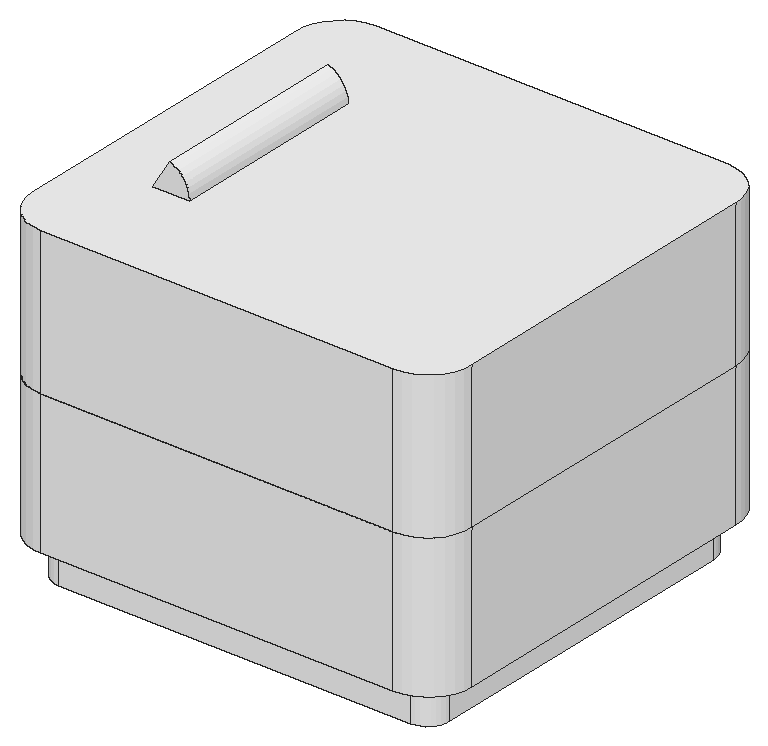
Revit family "Gira_078730", category Electrical Fixtures, host Face, Revit 2017
Family settings
  Host = Face
  Maintain Annotation Orientation = Yes
  Round Connector Dimension = Use Diameter
  Part Type = Normal
  Cut with Voids When Loaded = No
  Shared = No
  Room Calculation Point = No
Parameters (values of type "Set 2x SCHUKO HC diff.lock + in.sp. WP surface-mounted grey")
  URL = "http://katalog.gira.de/en/datenblatt.html?artikelnr=078730"
  Transparent = "No"
  Name = "Set 2x SCHUKO HC diff.lock + in.sp. WP surface-mounted grey"
  Model = "Protective contact (SCHUKO)"
  Manufacturer URL = "https://www.gira.de/"
  Manufacturer = "Gira"
  Keynote = ""
  HeinzeBIM = "https://bimportal.heinze.de/bim/set-2x-schuko-hc-diff-lock-in-sp-wp-surface-mounted-grey/0cc989e0a761d5191ffdee1a3cc80b41da36a6a2"
  HAN = "078730"
  GTIN = "4010337787303"
  Description = "Set 2x SCHUKO HC dif.lock in.sp. WP SM G,Set of 2 SCHUKO socket outlets 16 A 250 V~ with hinged cover, lock and inscription space,with different lock types,grey,Features:,- Applications include for washing machines and dryers located in shared rooms.,- With screw terminals."
  Default Elevation = 1219.2 mm
  Data sheet (1) = "https://katalog.gira.de/en/download.html?artikelnr=078730"
  Category = "Socket outlet"
  BIM (1) = "https://media.stage.bim.site/public/gira/36a6b08/IP44_Komplettgerät_Steckdose.rfa?public/gira/36a6b08/IP44_Komplettgerät_Steckdose.rfa"
  Available = "No"
Reference planes
  plane 1 "Center (Front/Back)": y = 0
  plane 2: z = 0
  plane 3 "Center (Left/Right)": x = 0
Forms (mm)
  Extrusion 1, solid, material "White", detail levels fine
    sketch origin (41, 0, 0) x (1, 0, 0) y (0, 1, 0)
      loop
        line (-9, 38) -> (-73, 38)
        arc (-73, 38) -> (-78.657, 35.657) -> (-81, 30) r 8
        line (-81, 30) -> (-81, -30)
        arc (-81, -30) -> (-78.657, -35.657) -> (-73, -38) r 8
        line (-73, -38) -> (-9, -38)
        arc (-9, -38) -> (-3.343, -35.657) -> (-1, -30) r 8
        line (-1, -30) -> (-1, 30)
        arc (-1, 30) -> (-3.343, 35.657) -> (-9, 38) r 8
    from 0 to 26
  Extrusion 2, solid, material "White", detail levels fine
    sketch origin (41, 0, 0) x (1, 0, 0) y (0, 1, 0)
      loop
        line (-9, 38) -> (-73, 38)
        arc (-73, 38) -> (-78.657, 35.657) -> (-81, 30) r 8
        line (-81, 30) -> (-81, -30)
        arc (-81, -30) -> (-78.657, -35.657) -> (-73, -38) r 8
        line (-73, -38) -> (-9, -38)
        arc (-9, -38) -> (-3.343, -35.657) -> (-1, -30) r 8
        line (-1, -30) -> (-1, 30)
        arc (-1, 30) -> (-3.343, 35.657) -> (-9, 38) r 8
    from 26 to 52.5
  Extrusion 3, solid, material "White", detail levels fine
    sketch origin (41, 0, 0) x (1, 0, 0) y (0, 0, 1)
      loop
        line (-68.7, 52.5) -> (-62.067, 52.5)
        arc (-62.067, 52.5) -> (-63.019, 55.628) -> (-65.7, 57.5) r 5
        line (-65.7, 57.5) -> (-68.7, 52.5)
    from 18 to -18
  Extrusion 4, solid, material "White", detail levels medium
    sketch origin (41, -5.734, 0) x (1, 0, 0) y (0, 1, 0)
      loop
        line (-9, 43.734) -> (-73, 43.734)
        arc (-73, 43.734) -> (-78.657, 41.391) -> (-81, 35.734) r 8
        line (-81, 35.734) -> (-81, -24.266)
        arc (-81, -24.266) -> (-78.657, -29.923) -> (-73, -32.266) r 8
        line (-73, -32.266) -> (-9, -32.266)
        arc (-9, -32.266) -> (-3.343, -29.923) -> (-1, -24.266) r 8
        line (-1, -24.266) -> (-1, 35.734)
        arc (-1, 35.734) -> (-3.343, 41.391) -> (-9, 43.734) r 8
    from 0 to 52.5
  Extrusion 5, solid, material "White", detail levels medium
    sketch origin (41, 0, 0) x (1, 0, 0) y (0, 0, 1)
      loop
        line (-68.7, 57.5) -> (-68.7, 52.5) -> (-62.067, 52.5) -> (-62.067, 57.5) -> (-68.7, 57.5)
    from -18 to 18
  Extrusion 6, solid, material "White", detail levels coarse
    sketch origin (41, 0, 0) x (1, 0, 0) y (0, 1, 0)
      loop
        line (-1, 38) -> (-81, 38) -> (-81, -38) -> (-1, -38) -> (-1, 38)
    from -7 to 57.5
  Extrusion 7, solid, material "White", detail levels medium+fine
    sketch origin (41, 0, 0) x (1, 0, 0) y (0, 1, 0)
      loop
        line (-9, 34) -> (-73, 34)
        arc (-73, 34) -> (-75.828, 32.828) -> (-77, 30) r 4
        line (-77, 30) -> (-77, -30)
        arc (-77, -30) -> (-75.828, -32.828) -> (-73, -34) r 4
        line (-73, -34) -> (-9, -34)
        arc (-9, -34) -> (-6.172, -32.828) -> (-5, -30) r 4
        line (-5, -30) -> (-5, 30)
        arc (-5, 30) -> (-6.172, 32.828) -> (-9, 34) r 4
    from 0 to -7
Dimensions and locks
  Extrusion 6 to plane 3 "Center (Left/Right)" to Extrusion 6 = 40 mm, 40 mm
  aligned and locked: plane 2 to host face
  aligned and locked: level to host face
  aligned and locked: plane 3 "Center (Left/Right)" to nested 1
  aligned and locked: plane 1 "Center (Front/Back)" to nested 1
Nested families
  nested 1: "Steckdose 1-fach Beschriftung" at (0, 0, 0), type "Steckdose 1-fach Beschriftung"
Connectors
  electrical at (0, 0, -7)
    settings: on Extrusion 7, index 1, voltage 220 V, apparent load 0 VA, apparent load phase1 0 VA, apparent load phase2 0 VA, apparent load phase3 0 VA, power factor 1, load classification "Other", number of poles 1, system type 31, power factor state 1, is connector primary yes, connector utility no, sub classification motor no, connector description ""
Definition of nested family "Steckdose 1-fach Beschriftung"
  Reference planes
    plane 1: y = 0
    plane 2: x = 0
  Lines and regions (mm)
    detail lines
      curve 1: line (0, 0, 0) -> (0, 2, 0)
      curve 3: line (0, 2, 0) -> (-1, 2, 0)
      curve 4: arc (1, 3, 0) -> (0, 2, 0) -> (-1, 3, 0) r 1
      curve 5: line (0, 2, 0) -> (1, 2, 0)
    reference lines
      curve 2: line (-0.485, 3, 0) -> (2.315, 3, 0)
  Dimensions and locks
    curve 1 to curve 1 = 2 mm
    plane 1 to curve 2 = 3 mm
    curve 3 to curve 3 = 1 mm
